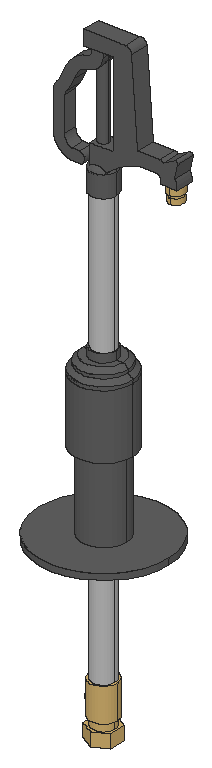
Revit family
Parameters (values of type "RHY1-MS")
  Waste Connection = no
  Vent Connection = no
  Valve Body Drain Hole = "1/8\" NPT"
  URL = "http://www.woodfordmfg.com/woodford/Yard_Hydrant_Pages/Model-RHY1.html"
  Type Comments = ""
  Support Flange Height = 0' - 11 1/4"
  Support Flange Diameter = 0' - 10"
  RHY1-MS Hydrant Weight/Lbs = "50"
  Pipe Casing = "1 1/4\""
  Painted Cast Iron Head & Mounting System Components = ""
  Overall Hydrant Length = 4' - 0 1/2"
  Outlet Connection = "3/4\" Male Hose Thread"
  Model = "RHY1-MS"
  Max Temperature = "120º -F"
  Max Pressure = 100.00 psi
  Manufacturer = "Woodford Manufacturing Company"
  Keynote = ""
  Installation Instructions = "http://www.woodfordmfg.com/woodford/Installation/Roof%20Hydrant%20Installation%20Instructions.pdf"
  Inlet Connection = "1\" NPT Female"
  HW Connection = no
  Galvanized Pipe Casing = ""
  GPM = "38 @ 100psi"
  Catalog Sheet = "http://www.woodfordmfg.com/woodford/Yard_Hyd_PDF/Y1RoofHydrant.pdf"
  Cast Brass Valve Body Inlet = ""
  CW Connection = yes
Reference planes (in)
  plane 1 "Center (Front/Back)": y = 0
  plane 2: z = 0
  plane 3 "Center (Left/Right)": x = 0
  plane 4 "Top of Flange": z = 0
  plane 5 "Bottom of Boot": z = 6.5
  plane 6: z = 11.5
  plane 7 "Top of Hydrant": z = 24
  plane 8: z = 24.25
  plane 9 "Bottom Hydrant": z = -9.50003
  plane 10 "Bottom Inlet": z = -12.06253
  plane 11 "Drain": z = -12.68753
  plane 12 "Pipe Connection": z = -13.68753
  plane 13: z = 12.875
Forms (in)
  Extrusion 1, solid, material "Cast Iron"
    sketch origin (0, 0, 0) x (1, 0, 0) y (0, 1, 0)
      loop
        circle (0, 0) r 5
    from 0 to 0.46378
  Extrusion 2, solid, material "Cast Iron"
    sketch origin (0, 0, 0) x (-1, 0, 0) y (0, -1, 0)
      loop
        circle (0, 0) r 1.75
    from 0 to 6.5
  Extrusion 3, solid, material "Cast Iron"
    sketch origin (0, 0, 6.5) x (-1, 0, 0) y (0, -1, 0)
      loop
        circle (0, 0) r 2.25
    from 0 to 5
  Revolve 4, solid, material "Cast Iron"
    sketch origin (0, 0, 0) x (1, 0, 0) y (0, 0, 1)
      loop
        line (0, 11.5) -> (2.25, 11.5) -> (2.25, 11.75) -> (1.89645, 12.10355) -> (1.89645, 12.35355) -> (1.54289, 12.70711) -> (1.0031, 12.70711) -> (1.0031, 13.32538) -> (0, 13.32538) -> (0, 11.5)
      axis (0, 11.5) -> (0, 13.32538)
    angle from 0 to 360
  Extrusion 5, solid, material "Chrome"
    sketch origin (0, 0, 9.875) x (-1, 0, 0) y (0, -1, 0)
      loop
        circle (0, 0) r 0.875
    from 3 to 14.125
  Revolve 6, solid, material "Cast Iron"
    sketch origin (0, 0, 1.1823) x (1, 0, 0) y (0, 0, 1)
      loop
        line (0, 22.8177) -> (1.02491, 22.8177) -> (1.02491, 24.41828)
        arc (1.02491, 24.41828) -> (0.71233, 24.8431) -> (0.21039, 25.00508) r 0.8587
        line (0.21039, 25.00508) -> (0, 25.00508) -> (0, 22.8177)
      axis (0, 22.8177) -> (0, 25.00508)
    angle from 0 to 360
  Extrusion 7, solid, material "Cast Iron"
    sketch origin (0, 0, 1.1823) x (1, 0, 0) y (0, 0, 1)
      loop
        line (-0.5, 23.22002) -> (0.5, 23.22002) -> (0.5, 23.72002)
        arc (0.5, 23.72002) -> (0.62037, 24.27543) -> (0.95989, 24.73117) r 1.34154
        line (0.95989, 24.73117) -> (1.67922, 25.25379)
        arc (1.67922, 25.25379) -> (2.52568, 25.68195) -> (3.43883, 25.93877) r 4.89374
        line (3.43883, 25.93877) -> (4.57225, 25.93877)
        arc (4.57225, 25.93877) -> (4.82073, 25.81433) -> (4.93551, 25.56125) r 0.41624
        line (4.93551, 25.56125) -> (4.93551, 25.25993) -> (6.18559, 25.25993)
        arc (6.18559, 25.25993) -> (6.16814, 25.66141) -> (6.04799, 26.0449) r 1.54898
        line (6.04799, 26.0449) -> (6.2685, 27.04758)
        arc (6.2685, 27.04758) -> (6.20995, 27.21372) -> (6.03509, 27.23503) r 0.16706
        line (6.03509, 27.23503) -> (5.16235, 26.8305)
        arc (5.16235, 26.8305) -> (5.03121, 26.8999) -> (4.88479, 26.92386) r 0.4593
        line (4.88479, 26.92386) -> (3.2034, 26.92386) -> (2.75195, 33.37989)
        arc (2.75195, 33.37989) -> (2.59416, 33.71069) -> (2.25316, 33.84502) r 0.5
        line (2.25316, 33.84502) -> (-0.9375, 33.84502) -> (-0.9375, 32.72002) -> (1.36348, 32.72002) -> (1.36348, 26.22002) -> (-0.5, 26.22002) -> (-0.5, 23.22002)
    from -0.6875 to 0.6875
  Extrusion 8, solid, material "Cast Iron"
    sketch origin (0, 0, 1.1823) x (1, 0, 0) y (0, 0, 1)
      loop
        arc (-2.98084, 29.66124) -> (-3.28381, 29.25131) -> (-3.44462, 28.76761) r 1.62217
        line (-3.44462, 28.76761) -> (-3.44462, 26.04166)
        arc (-3.44462, 26.04166) -> (-3.07759, 24.97574) -> (-2.13212, 24.36174) r 1.73135
        line (-2.13212, 24.36174) -> (-1.3639, 24.36174)
        arc (-1.3639, 24.36174) -> (-1.03466, 24.81482) -> (-1.39886, 25.24031) r 0.452
        line (-1.39886, 25.24031) -> (-2.0152, 25.24031)
        arc (-2.0152, 25.24031) -> (-2.41751, 25.55444) -> (-2.56962, 26.04166) r 0.85635
        line (-2.56962, 26.04166) -> (-2.56962, 28.68427)
        arc (-2.56962, 28.68427) -> (-2.47146, 28.91139) -> (-2.30452, 29.09401) r 0.74739
        arc (-2.30452, 29.09401) -> (-2.01076, 29.59286) -> (-1.78602, 30.12638) r 4.33883
        arc (-1.78602, 30.12638) -> (-1.32649, 30.80185) -> (-0.58994, 31.15531) r 1.57128
        arc (-0.58994, 31.15531) -> (0.09003, 31.54161) -> (0.40827, 32.25597) r 1.25241
        line (0.40827, 32.25597) -> (0.40827, 32.73312) -> (-0.46786, 32.73312) -> (-0.46786, 32.31178)
        arc (-0.46786, 32.31178) -> (-0.57167, 32.1165) -> (-0.76712, 32.01302) r 0.37707
        arc (-0.76712, 32.01302) -> (-1.90689, 31.45916) -> (-2.61695, 30.40956) r 2.44769
        arc (-2.61695, 30.40956) -> (-2.77633, 30.02443) -> (-2.98084, 29.66124) r 3.46279
    from -0.5 to 0.5
  Sweep 9, solid, material "Copper"
    path origin (-14.37933, 0, 8.70287) x (0.809017, 0, -0.587785) y (0.587785, 0, 0.809017)
      loop
        line (5.70332, 26.07075) -> (6.03395, 25.61568)
    profile origin (5.55876, 0, 26.16098) x (0, -1, 0) y (1, 0, 0)
      loop
        circle (0, 0) r 0.62427
  Sweep 10, solid, material "Copper"
    path origin (-14.35969, 0, 9.82787) x (0.809017, 0, -0.587785) y (0.587785, 0, 0.809017)
      loop
        line (6.6952, 24.70554) -> (6.84215, 24.50328)
    profile origin (5.57839, 0, 25.75473) x (0, -1, 0) y (1, 0, 0)
      loop
        circle (0, 0) r 0.5
  Revolve 11, solid, material "Cast Iron", not visible
    sketch origin (0, 0, 0) x (1, 0, 0) y (0, 0, 1)
      loop
        line (0, 22.8177) -> (1.02491, 22.8177) -> (1.02491, 24.41828)
        arc (1.02491, 24.41828) -> (0.71233, 24.8431) -> (0.21039, 25.00508) r 0.8587
        line (0.21039, 25.00508) -> (0, 25.00508) -> (0, 22.8177)
      axis (0, 22.8177) -> (0, 25.00508)
    angle from 0 to 360
  Extrusion 12, solid, material "Cast Iron", not visible
    sketch origin (0, 0, 0) x (1, 0, 0) y (0, 0, 1)
      loop
        line (-0.5, 23.22002) -> (0.5, 23.22002) -> (0.5, 23.72002)
        arc (0.5, 23.72002) -> (0.62037, 24.27543) -> (0.95989, 24.73117) r 1.34154
        line (0.95989, 24.73117) -> (1.67922, 25.25379)
        arc (1.67922, 25.25379) -> (2.52568, 25.68195) -> (3.43883, 25.93877) r 4.89374
        line (3.43883, 25.93877) -> (4.57225, 25.93877)
        arc (4.57225, 25.93877) -> (4.82073, 25.81433) -> (4.93551, 25.56125) r 0.41624
        line (4.93551, 25.56125) -> (4.93551, 25.25993) -> (6.18559, 25.25993)
        arc (6.18559, 25.25993) -> (6.16814, 25.66141) -> (6.04799, 26.0449) r 1.54898
        line (6.04799, 26.0449) -> (6.2685, 27.04758)
        arc (6.2685, 27.04758) -> (6.20995, 27.21372) -> (6.03509, 27.23503) r 0.16706
        line (6.03509, 27.23503) -> (5.16235, 26.8305)
        arc (5.16235, 26.8305) -> (5.03121, 26.8999) -> (4.88479, 26.92386) r 0.4593
        line (4.88479, 26.92386) -> (3.2034, 26.92386) -> (2.75195, 33.37989)
        arc (2.75195, 33.37989) -> (2.59416, 33.71069) -> (2.25316, 33.84502) r 0.5
        line (2.25316, 33.84502) -> (-0.9375, 33.84502) -> (-0.9375, 32.72002) -> (1.36348, 32.72002) -> (1.36348, 26.22002) -> (-0.5, 26.22002) -> (-0.5, 23.22002)
    from -0.6875 to 0.6875
  Extrusion 13, solid, material "Cast Iron", not visible
    sketch origin (0, 0, 0) x (1, 0, 0) y (0, 0, 1)
      loop
        arc (-2.98084, 29.66124) -> (-3.28381, 29.25131) -> (-3.44462, 28.76761) r 1.62217
        line (-3.44462, 28.76761) -> (-3.44462, 26.04166)
        arc (-3.44462, 26.04166) -> (-3.07759, 24.97574) -> (-2.13212, 24.36174) r 1.73135
        line (-2.13212, 24.36174) -> (-1.3639, 24.36174)
        arc (-1.3639, 24.36174) -> (-1.03466, 24.81482) -> (-1.39886, 25.24031) r 0.452
        line (-1.39886, 25.24031) -> (-2.0152, 25.24031)
        arc (-2.0152, 25.24031) -> (-2.41751, 25.55444) -> (-2.56962, 26.04166) r 0.85635
        line (-2.56962, 26.04166) -> (-2.56962, 28.68427)
        arc (-2.56962, 28.68427) -> (-2.47146, 28.91139) -> (-2.30452, 29.09401) r 0.74739
        arc (-2.30452, 29.09401) -> (-2.01076, 29.59286) -> (-1.78602, 30.12638) r 4.33883
        arc (-1.78602, 30.12638) -> (-1.32649, 30.80185) -> (-0.58994, 31.15531) r 1.57128
        arc (-0.58994, 31.15531) -> (0.09003, 31.54161) -> (0.40827, 32.25597) r 1.25241
        line (0.40827, 32.25597) -> (0.40827, 32.73312) -> (-0.46786, 32.73312) -> (-0.46786, 32.31178)
        arc (-0.46786, 32.31178) -> (-0.57167, 32.1165) -> (-0.76712, 32.01302) r 0.37707
        arc (-0.76712, 32.01302) -> (-1.90689, 31.45916) -> (-2.61695, 30.40956) r 2.44769
        arc (-2.61695, 30.40956) -> (-2.77633, 30.02443) -> (-2.98084, 29.66124) r 3.46279
    from -0.5 to 0.5
  Sweep 14, solid, material "Copper", not visible
    path origin (-14.37933, 0, 7.52057) x (0.809017, 0, -0.587785) y (0.587785, 0, 0.809017)
      loop
        line (5.70332, 26.07075) -> (6.03395, 25.61568)
    profile origin (5.55876, 0, 24.97868) x (0, -1, 0) y (1, 0, 0)
      loop
        circle (0, 0) r 0.62427
  Sweep 15, solid, material "Copper", not visible
    path origin (-14.35969, 0, 8.64557) x (0.809017, 0, -0.587785) y (0.587785, 0, 0.809017)
      loop
        line (6.6952, 24.70554) -> (6.84215, 24.50328)
    profile origin (5.57839, 0, 24.57243) x (0, -1, 0) y (1, 0, 0)
      loop
        circle (0, 0) r 0.5
  Extrusion 16, solid, material "Chrome"
    sketch origin (0, 0, -0.5) x (-1, 0, 0) y (0, -1, 0)
      loop
        circle (0, 0) r 0.875
    from 0.5 to -9.00003
  Extrusion 17, solid, material "Copper"
    sketch origin (0, 0, -9.50003) x (-1, 0, 0) y (0, -1, 0)
      loop
        circle (0, 0) r 1.0625
    from 0 to -2.5625
  Extrusion 18, solid, material "Copper"
    sketch origin (0, 0, -12.06253) x (-1, 0, 0) y (0, -1, 0)
      loop
        circle (0, 0) r 0.875
    from 0 to -0.625
  Extrusion 19, solid, material "Copper"
    sketch origin (-60.2647, -180, -12.68753) x (-1, 0, 0) y (0, -1, 0)
      loop
        line (-61.34723, -180.625) -> (-60.2647, -181.25) -> (-59.18217, -180.625) -> (-59.18217, -179.375) -> (-60.2647, -178.75) -> (-61.34723, -179.375) -> (-61.34723, -180.625)
    from 0 to -1
  Extrusion 20, void
    sketch origin (0, 0, -13.68753) x (-1, 0, 0) y (0, -1, 0)
      loop
        circle (0, 0) r 0.5
    from 0 to 1
  Sweep 21, solid, material "Cast Iron"
    path origin (0, 0, -4.4867) x (1, 0, 0) y (0, 0, 1)
      loop
        line (0, 31.88902) -> (0, 38.38902)
    profile origin (0, 0, 30.65231) x (-1, 0, 0) y (0, -1, 0)
      loop
        circle (0, 0) r 0.375
  Sweep 22, solid, material "Cast Iron", not visible
    path origin (0, 0, -5.669) x (1, 0, 0) y (0, 0, 1)
      loop
        line (0, 31.88902) -> (0, 38.38902)
    profile origin (0, 0, 29.47002) x (-1, 0, 0) y (0, -1, 0)
      loop
        circle (0, 0) r 0.375
  Sweep 23, solid, material "Copper"
    path origin (-14.35969, 0, 7.89037) x (0.809017, 0, -0.587785) y (0.587785, 0, 0.809017)
      loop
        line (5.70332, 26.07075) -> (5.93131, 25.75694)
    profile origin (5.57839, 0, 25.43578) x (0, -1, 0) y (1, 0, 0)
      loop
        circle (0, 0) r 0.5495
  Sweep 24, solid, material "Copper", not visible
    path origin (-14.35969, 0, 6.70807) x (0.809017, 0, -0.587785) y (0.587785, 0, 0.809017)
      loop
        line (5.70332, 26.07075) -> (5.93131, 25.75694)
    profile origin (5.57839, 0, 24.25348) x (0, -1, 0) y (1, 0, 0)
      loop
        circle (0, 0) r 0.5495
  Extrusion 25, solid, material "Copper"
    sketch origin (0, 0, 0) x (0, 1, 0) y (0, 0, 1)
      loop
        circle (0.01522, -11.20577) r 0.125
    from 0 to -1.3731
Cuts and joins
  Extrusion 20 cuts Extrusion 18
  Extrusion 20 cuts Extrusion 19
Dimensions and locks (in)
  plane 5 "Bottom of Boot" to plane 4 "Top of Flange" = 0' - 6 1/2"
  plane 6 to plane 5 "Bottom of Boot" = 0' - 5"
  locked: plane 8 to plane 7 "Top of Hydrant" at 0.25
  locked: plane 9 "Bottom Hydrant" to plane 10 "Bottom Inlet" at 2.5625
  locked: plane 10 "Bottom Inlet" to plane 11 "Drain" at 0.625
  locked: plane 11 "Drain" to plane 12 "Pipe Connection" at 1
  plane 7 "Top of Hydrant" to level = 2' - 0"
  Extrusion 7 to plane 12 "Pipe Connection" = 4' - 0 183/256"
  locked: plane 9 "Bottom Hydrant" to Extrusion 25 sketch curve at 1.70574
  aligned and locked: plane 2 to level
  aligned: plane 4 "Top of Flange" to Extrusion 1
  aligned and locked: plane 5 "Bottom of Boot" to Extrusion 2
  aligned and locked: plane 6 to Extrusion 3
  aligned and locked: plane 7 "Top of Hydrant" to Extrusion 5
  aligned and locked: Extrusion 16 to plane 9 "Bottom Hydrant"
  aligned and locked: plane 10 "Bottom Inlet" to Extrusion 17
  aligned and locked: plane 11 "Drain" to Extrusion 18
  aligned and locked: plane 12 "Pipe Connection" to Extrusion 19
  aligned and locked: plane 7 "Top of Hydrant" to Revolve 6
  aligned: plane 13 to Revolve 4
  aligned: Extrusion 5 to Revolve 4
Connectors (in)
  piping at (0, 0, -12.68753)
    settings: on cut or joined group of Extrusion 19, Extrusion 20, index 1, connector radius 1/2", flow factor 0, pipe flow 38 GPM, pressure drop 100.00 psi, fitting loss kfactor 0, connector angle 0.00°, fixture units 0, flow configuration 1, flow direction 1, fitting loss method 4, system type 20, connector reference index -1, connector utility 0, adjustable connector no, is connector primary yes, fitting loss table "", connector description ""
  piping at (-1.3731, 0.01522, -11.20577)
    settings: on Extrusion 25, index 2, connector radius 1/16", flow factor 0, pipe flow 0 GPM, pressure drop 0.00 psi, fitting loss kfactor 0, connector angle 0.00°, fixture units 0, flow configuration 1, flow direction 1, fitting loss method 0, system type 16, connector reference index -1, connector utility 0, adjustable connector no, is connector primary no, fitting loss table "", connector description ""
